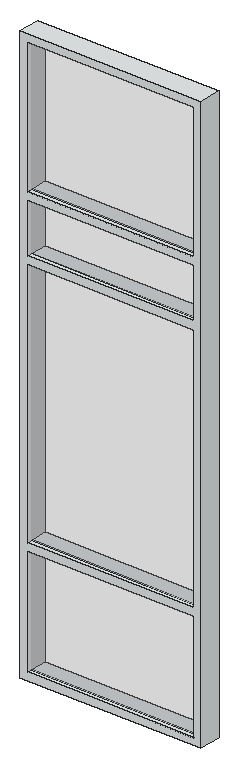
Revit family "CT_Janela_Painel_4Vid_Medio", category Windows, host Wall, Revit 2025
Family settings
  Host = Wall
  OmniClass Number = 23.30.20.00
  OmniClass Title = Windows
  Always vertical = Yes
  Cut with Voids When Loaded = No
  Shared = No
  Room Calculation Point = Yes
Parameters (values of type "JAN_FAC_6PA_MED_A")
  Material_Vidro = CT_Vidros
  Material_Painel_Inferior [instance] = CT_Vidros
  Material_Esquadria = CT_Esquadrias_Aluminio
  Height [instance] = 4.000 m
  Espess_Esquadria = 0.050 m
  Define Thermal Properties by = Schematic Type
  Default Sill Height = 0.800 m
  Wall Closure = By host
  Width [instance] = 1.250 m
  Analytic Construction = "<None>"
  Alt_Bandeira_Sup = 1.000 m
  Alt_Bandeira_Inf = 1.800 m
Reference planes (m)
  plane 1 "Center (Front/Back)": y = 0
  plane 2 "Center (Left/Right)": x = 0
  plane 3 "Right": x = 1.25
  plane 4 "Sill": z = 0.8
  plane 5 "Head": z = 4
  plane 6 "Exterior": y = -0.654861
  plane 7 "Interior": y = -0.754861
  plane 8: z = 3
  plane 9: z = 2.6
Forms (m)
  Extrusion 1, solid, material "CT_Esquadrias_Aluminio" <- "Material_Esquadria"
    sketch origin (0, -0.654861, 0) x (1, 0, 0) y (0, 0, 1)
      loop
        line (1.25, 4) -> (0, 4) -> (0, 0) -> (1.25, 0) -> (1.25, 4)
      loop
        line (0.05, 0.8) -> (0.05, 0.05) -> (1.2, 0.05) -> (1.2, 0.8) -> (0.05, 0.8)
      loop
        line (1.2, 3.95) -> (0.05, 3.95) -> (0.05, 3.025) -> (1.2, 3.025) -> (1.2, 3.95)
      loop
        line (0.05, 2.975) -> (0.05, 2.625) -> (1.2, 2.625) -> (1.2, 2.975) -> (0.05, 2.975)
      loop
        line (1.2, 0.85) -> (1.2, 2.575) -> (0.05, 2.575) -> (0.05, 0.85) -> (1.2, 0.85)
    from -0.05 to 0.1
  Extrusion 2, solid, material "CT_Vidros" <- "Material_Vidro"
    sketch origin (0, -0.654861, 0) x (1, 0, 0) y (0, 0, 1)
      loop
        line (1.2, 3.95) -> (0.05, 3.95) -> (0.05, 3.025) -> (1.2, 3.025) -> (1.2, 3.95)
      loop
        line (1.2, 2.975) -> (0.05, 2.975) -> (0.05, 2.625) -> (1.2, 2.625) -> (1.2, 2.975)
      loop
        line (1.2, 2.575) -> (0.05, 2.575) -> (0.05, 0.85) -> (1.2, 0.85) -> (1.2, 2.575)
    from 0.062444 to 0.074642
  Extrusion 3, solid, material "CT_Vidros" <- "Material_Vidro"
    sketch origin (0, -0.654861, 0) x (1, 0, 0) y (0, 0, 1)
      loop
        line (1.2, 0.8) -> (0.05, 0.8) -> (0.05, 0.05) -> (1.2, 0.05) -> (1.2, 0.8)
    from 0.062444 to 0.074642
Lines and regions (m)
  Opening 1
    outline origin (4.19, -0.754861, 0) x (1, 0, 0) y (0, 0, 1)
      loop
        line (-2.94, 0) -> (-2.94, 4) -> (-4.19, 4) -> (-4.19, 0) -> (-2.94, 0)
Text (m)
  text "EXTERIOR" at (-1.963203, 1.332353, 0), in view "Ref. Level"
  text "INTERIOR" at (-1.981466, -0.818386, 0), in view "Ref. Level"
  text "Exterior" at (0, 0.923751, 2.943296), in view "Right"
  text "Exterior" at (0, 1.040484, 2.685409), in view "Left"
Dimensions and locks (m)
  "Width": plane 2 "Center (Left/Right)" to plane 3 "Right"
  level to plane 5 "Head" = 4.000 m
  "Default Sill Height": plane 4 "Sill" to level
  locked: plane 6 "Exterior" to host wall
  locked: plane 7 "Interior" to host wall
  "Alt_Bandeira_Sup": plane 8 to plane 5 "Head"
  "Alt_Bandeira_Inf": plane 4 "Sill" to plane 9
  equal spacing: Extrusion 1 sketch curve, plane 8, Extrusion 1 sketch curve
  Extrusion 1 sketch curve to Extrusion 1 sketch curve = 0.050 m
  "Espess_Esquadria": Extrusion 1 sketch curve to Extrusion 1 sketch curve  (x5)
  equal spacing: Extrusion 1 sketch curve, plane 9, Extrusion 1 sketch curve
  locked: Extrusion 1 to Extrusion 2 at 0.025358
  locked: Extrusion 2 to Extrusion 2 at 0.012199
  "Height": plane 5 "Head" to level
  locked: Extrusion 1 to Extrusion 1 at 0.15
  "Espess_Esquadria": plane 2 "Center (Left/Right)" to Extrusion 3
  aligned and locked: plane 7 "Interior" to Extrusion 1
  aligned and locked: Extrusion 1 to plane 3 "Right"
  aligned and locked: Extrusion 1 sketch curve to Extrusion 1 sketch curve  (x2)
  aligned and locked: Extrusion 1 to Extrusion 2 sketch curve  (x5)
  aligned and locked: Extrusion 2 sketch curve to Extrusion 1  (x7)
  aligned and locked: Extrusion 3 sketch curve to Extrusion 1  (x4)
  aligned and locked: Extrusion 2 to Extrusion 3
  aligned and locked: Extrusion 3 to Extrusion 2
  aligned and locked: level to Opening 1 sketch curve
  aligned and locked: Opening 1 sketch curve to plane 3 "Right"
  aligned and locked: Extrusion 1 to Extrusion 1  (x3)
Automatic sketch dimensions
  plane 2 "Center (Left/Right)" to Opening 1 sketch curve = 0.000 m
  Opening 1 sketch curve to plane 5 "Head" = 0.000 m
  Extrusion 1 sketch curve to level = 0.000 m
  plane 2 "Center (Left/Right)" to Extrusion 1 sketch curve = 0.000 m
  Extrusion 1 sketch curve to plane 4 "Sill" = 0.000 m
  Extrusion 1 sketch curve to plane 3 "Right" = 0.000 m
  Extrusion 1 sketch curve to plane 5 "Head" = 0.000 m
  Extrusion 1 sketch curve to plane 2 "Center (Left/Right)" = 0.050 m  (x4)
  Extrusion 1 sketch curve to Extrusion 1 sketch curve = 0.050 m
  Extrusion 1 sketch curve to plane 9 = 0.025 m
